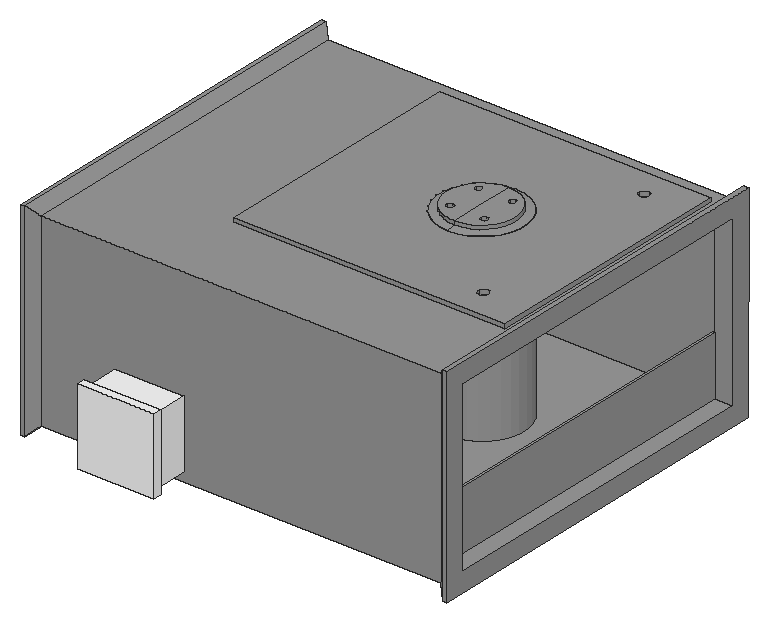
Revit family "RKB 400X200 C1 EC_7470022", category Mechanical Equipment, Revit 2014
Parameters (values of type "RKB 400X200 C1 EC")
  Wiring diagram = "4040143"
  Width = 502 mm
  Weight = 9.60 kg
  Voltage range = "200-240 V"
  Voltage = 230 V
  Speed = "2650 rpm"
  Sound pressure level at 3 m = "57 dB(A)"
  Power = 162 W
  Phase = 1
  Max. temperature of transported air when speed controlled = 60 °C
  Max. temperature of transported air = 60 °C
  Main Material = Steel, Galvanized
  Height = 243 mm
  Frequency = 50 Hz
  Elevation [instance] = 2600 mm
  Description = "UNINSULATED DUCT FANS WITH RECTANGULAR CONNECTIONS"
  Depth = 443 mm
  Current = 1.26 A
  Connector Height = 200 mm
  Connector Width = 400 mm
  Capacitor = "- μF"
Reference planes
  plane 1 "Center (Front/Back)": y = 0
  plane 2: z = 0
  plane 3 "Center (Left/Right)": x = 0
  plane 4: x = -251
  plane 5: x = 251
  plane 6: y = 221.5
  plane 7: y = -221.5
  plane 8: z = 2600
  plane 9: z = 2843
Dimensions and locks
  equal spacing: plane 4, plane 3 "Center (Left/Right)", plane 5
  "Width": plane 4 to plane 5
  equal spacing: plane 6, plane 1 "Center (Front/Back)", plane 7
  "Depth": plane 6 to plane 7
  "Elevation": plane 8 to level
  "Height": plane 9 to plane 8
  aligned and locked: level to plane 2
  aligned and locked: nested 1 to plane 1 "Center (Front/Back)"
  aligned and locked: plane 1 "Center (Front/Back)" to nested 2
  aligned and locked: plane 3 "Center (Left/Right)" to nested 2
  aligned and locked: nested 2 to plane 8
  aligned and locked: plane 3 "Center (Left/Right)" to nested 1
Nested families
  nested 1: "Flow direction symbol" at (0, 0, 0), type "Flow direction symbol"
  nested 2: "RKB" at (0, 0, 2600), type "RKB"
Connectors
  hvac at (-251, 0, 2721.5), driven by "Connector Height", driven by "Connector Width"
    settings: on nested 2, index 1, duct flow 0.0 L/s, flow factor 0, pres drop 0.0 Pa, loss coef 0, conn angle 0.00°, conn width 400 mm, conn height 200 mm, conn diameter 609.6 mm, duct sys type 1, conn prof type 1, flow config 0, flow direction 1, loss method 0, conn ref index -1, conn util no, is conn primary yes, conn desc ""
  hvac at (251, 0, 2721.5), driven by "Connector Height", driven by "Connector Width"
    settings: on nested 2, index 2, duct flow 0.0 L/s, flow factor 0, pres drop 0.0 Pa, loss coef 0, conn angle 0.00°, conn width 400 mm, conn height 200 mm, conn diameter 609.6 mm, duct sys type 3, conn prof type 1, flow config 0, flow direction 2, loss method 0, conn ref index -1, conn util no, is conn primary no, conn desc ""
  electrical at (-107.218, -261, 2661.5), driven by "Phase", driven by "Voltage", driven by "Power"
    settings: on nested 2, index 3, voltage 230 V, apparent load 0 VA, apparent load phase1 162 VA, apparent load phase2 0 VA, apparent load phase3 0 VA, power factor 1, load classification "HVAC", number of poles 1, system type 31, power factor state 1, is connector primary yes, connector utility no, sub classification motor no, connector description ""
Definition of nested family "RKB"
  Parameters (values of type "RKB")
    Width = 502 mm
    Main Material = Steel, Galvanized
    Height = 243 mm
    Description = ""
    Depth = 443 mm
    Connector Width = 400 mm
    Connector Heigth = 200 mm
  Reference planes
    plane 1 "Center (Front/Back)": y = 0
    plane 2: z = 0
    plane 3 "Center (Left/Right)": x = 0
    plane 4: x = -251
    plane 5: x = 251
    plane 6: y = 221.5
    plane 7: y = -221.5
    plane 8: z = 243
    plane 9: z = 119
    plane 10: x = 79.138
    plane 11: x = -107.218
    plane 12: z = 121.5
    plane 13: z = 221.5
    plane 14: z = 21.5
    plane 15: y = 200
    plane 16: y = -200
    plane 17: z = 61.5
    plane 18: x = 44.483
    plane 19: y = 24.017
    plane 20: y = 44.097
  Forms (mm)
    Sweep 1, solid, material "Steel, Galvanized" <- "Main Material", detail levels medium+fine
      path origin (-251, 864.407, 1200) x (0, 1, 0) y (0, 0, 1)
        loop
          line (-642.907, -1200) -> (-642.907, -957) -> (-1085.907, -957) -> (-1085.907, -1200) -> (-642.907, -1200)
      profile origin (-251, 221.5, 121.5) x (0, -1, 0) y (1, 0, 0)
        loop
          line (22.203, 21.231) -> (16.231, 21.231) -> (0, 5) -> (0, 0) -> (22.203, 0) -> (22.203, 21.231)
    Sweep 2, solid, material "Steel, Galvanized" <- "Main Material", detail levels medium+fine
      path origin (251, 864.407, 1200) x (0, 1, 0) y (0, 0, 1)
        loop
          line (-642.907, -1200) -> (-642.907, -957) -> (-1085.907, -957) -> (-1085.907, -1200) -> (-642.907, -1200)
      profile origin (251, 221.5, 121.5) x (0, -1, 0) y (1, 0, 0)
        loop
          line (22.203, -21.231) -> (22.203, 0) -> (0, 0) -> (0, -5) -> (16.231, -21.231) -> (22.203, -21.231)
    Sweep 3, solid, material "Steel, Galvanized" <- "Main Material", detail levels medium+fine
      path origin (0, 0, 0) x (1, 0, 0) y (0, 1, 0)
        loop
          line (-251, 0) -> (251, 0)
      profile origin (0, 0, 0) x (0, 1, 0) y (0, 0, 1)
        loop
          line (200, 221.5) -> (-200, 221.5) -> (-200, 21.5) -> (200, 21.5) -> (200, 221.5)
        loop
          line (-211, 232.5) -> (-211, 10.5) -> (211, 10.5) -> (211, 232.5) -> (-211, 232.5)
    Revolve 4, solid, material "Steel, Galvanized" <- "Main Material", detail levels medium+fine
      sketch origin (79.138, 28.725, 1201.555) x (0, -1, 0) y (0, 0, 1)
        loop
          line (-15.321, -1182.297) -> (-15.321, -958.555) -> (-55.321, -958.555) -> (-55.321, -962.865) -> (-65.321, -964.421) -> (-65.321, -1182.297) -> (-15.321, -1182.297)
        axis (-15.321, -958.555) -> (-15.321, -1182.297)
      angle from 0 to 360
    Sweep 5, void
      path origin (43.109, 35, 1200) x (-1, 0, 0) y (0, 0, 1)
        loop
          line (-0.106, -979.203) -> (-0.106, -929.203)
      profile origin (43.215, 35, 245.797) x (1, 0, 0) y (0, 1, 0)
        loop
          circle (55.89, 30.208) r 4
        loop
          circle (15.893, 30.208) r 4
        loop
          circle (55.893, -11.441) r 4
        loop
          circle (15.557, -11.782) r 4
        loop
          circle (134.858, 124.398) r 6
        loop
          circle (134.858, -111.354) r 6
    Sweep 6, solid, material "Steel, Galvanized" <- "Main Material", detail levels coarse
      path origin (0, 0, 0) x (1, 0, 0) y (0, 1, 0)
        loop
          line (-251, 0) -> (251, 0)
      profile origin (0, 0, 0) x (0, 1, 0) y (0, 0, 1)
        loop
          line (221.5, 243) -> (-221.5, 243) -> (-221.5, 0) -> (221.5, 0) -> (221.5, 243)
    Sweep 7, solid, material "Steel, Galvanized" <- "Main Material", detail levels medium+fine
      path origin (0, 0, 0) x (0, 1, 0) y (0, 0, 1)
        loop
          line (199.297, 22.203) -> (199.297, 92.203)
      profile origin (0, 199.297, 57.203) x (0, -1, 0) y (1, 0, 0)
        loop
          line (0, -229.769) -> (398.595, -229.769) -> (398.595, -226.769) -> (0, -226.769) -> (0, -229.769)
        loop
          line (0, 229.769) -> (0, 226.769) -> (398.595, 226.769) -> (398.595, 229.769) -> (0, 229.769)
    Sweep 8, solid, material "Plastic", detail levels medium+fine
      path origin (0, -5.731, -156.959) x (1, 0, 0) y (0, 1, 0)
        loop
          line (-107.218, -205.269) -> (-107.218, -245.269)
      profile origin (-107.218, -231, -156.959) x (1, 0, 0) y (0, 0, 1)
        loop
          line (-40, 178.459) -> (40, 178.459) -> (40, 258.459) -> (-40, 258.459) -> (-40, 178.459)
    Sweep 9, solid, material "Plastic", detail levels medium+fine
      path origin (0, -5.731, 0) x (1, 0, 0) y (0, 1, 0)
        loop
          line (-107.218, -245.269) -> (-107.218, -255.269)
      profile origin (-107.218, -256, 0) x (1, 0, 0) y (0, 0, 1)
        loop
          line (-45, 106.5) -> (-45, 16.5) -> (45, 16.5) -> (45, 106.5) -> (-45, 106.5)
    Extrusion 10, solid, material "Steel, Galvanized" <- "Main Material"
      sketch origin (0, 0, 0) x (0, 1, 0) y (0, 0, 1)
        loop
          line (193.044, 232.5) -> (193.044, 237.135) -> (-110, 237.135) -> (-110, 232.5) -> (193.044, 232.5)
      from -89.23 to 229.769
  Cuts and joins
    joined: Sweep 1, Sweep 2, Sweep 3
    Sweep 5 cuts Revolve 4
    Sweep 5 cuts Extrusion 10
  Dimensions and locks
    equal spacing: plane 4, plane 3 "Center (Left/Right)", plane 5
    "Width": plane 4 to plane 5
    equal spacing: plane 6, plane 1 "Center (Front/Back)", plane 7
    "Depth": plane 6 to plane 7
    "Height": plane 8 to level
    Sweep 5 sketch curve to plane 8 to Sweep 5 sketch curve = 27.797 mm locked, 22.203 mm locked
    locked: Sweep 7 sketch curve to plane 2 at 22.203
    Sweep 7 sketch curve to Sweep 7 sketch curve = 70 mm
    locked: plane 6 to Sweep 7 sketch curve at 22.203  (x2)
    locked: plane 4 to Sweep 7 sketch curve at 21.231
    locked: Sweep 7 sketch curve to Sweep 7 sketch curve at 3  (x2)
    locked: Sweep 7 sketch curve to plane 7 at 22.203  (x2)
    locked: Sweep 7 sketch curve to plane 6 at 22.203
    locked: Sweep 7 sketch curve to plane 5 at 21.231
    Sweep 8 sketch curve to plane 7 to Sweep 8 sketch curve = 10.5 mm, 29.5 mm
    plane 7 to Sweep 9 sketch curve to Sweep 9 sketch curve = 29.5 mm, 10 mm locked
    equal spacing: plane 8, plane 12, plane 2
    "Connector Heigth": plane 13 to plane 14
    equal spacing: plane 13, plane 12, plane 14
    "Connector Width": plane 15 to plane 16
    equal spacing: plane 15, plane 1 "Center (Front/Back)", plane 16
    aligned and locked: level to plane 2
    aligned and locked: Sweep 1 sketch curve to plane 6
    aligned and locked: plane 7 to Sweep 1 sketch curve
    aligned and locked: plane 2 to Sweep 1 sketch curve
    aligned and locked: Sweep 1 sketch curve to plane 8
    aligned and locked: Sweep 2 sketch curve to plane 8
    aligned and locked: plane 2 to Sweep 2 sketch curve
    aligned and locked: plane 7 to Sweep 2 sketch curve
    aligned and locked: Sweep 2 sketch curve to plane 6
    aligned and locked: plane 1 "Center (Front/Back)" to Sweep 3 sketch curve
    aligned and locked: plane 1 "Center (Front/Back)" to Sweep 6 sketch curve
    aligned and locked: plane 2 to Sweep 6 sketch curve
    aligned and locked: plane 7 to Sweep 6 sketch curve
    aligned and locked: Sweep 6 sketch curve to plane 6
    aligned and locked: Sweep 6 sketch curve to plane 8
    aligned and locked: plane 11 to Sweep 8 sketch curve
    aligned and locked: plane 11 to Sweep 9 sketch curve
    aligned and locked: plane 14 to Sweep 3 sketch curve
    aligned and locked: plane 16 to Sweep 3 sketch curve
    aligned and locked: Sweep 3 sketch curve to plane 13
    aligned and locked: Sweep 3 sketch curve to plane 15
    aligned and locked: Sweep 8 to plane 14
  Automatic sketch dimensions
    Sweep 1 sketch curve to profile plane = 0 mm
    Sweep 1 sketch curve to plane 4 = 0 mm
    Sweep 1 sketch curve to profile plane = 16.231 mm
    Sweep 1 sketch curve to Sweep 1 sketch curve = 5.972 mm
    plane 4 to Sweep 1 sketch curve = 5 mm
    plane 4 to Sweep 1 sketch curve = 21.231 mm
    Sweep 2 sketch curve to profile plane = 0 mm
    Sweep 2 sketch curve to plane 5 = 0 mm
    Sweep 2 sketch curve to profile plane = 16.231 mm
    Sweep 2 sketch curve to Sweep 2 sketch curve = 5.972 mm
    Sweep 2 sketch curve to Sweep 2 sketch curve = 5 mm
    Sweep 2 sketch curve to Sweep 2 sketch curve = 21.231 mm
    Sweep 3 sketch curve to plane 4 = 0 mm
    Sweep 3 sketch curve to plane 5 = 0 mm
    Sweep 6 sketch curve to plane 4 = 0 mm
    Sweep 6 sketch curve to plane 5 = 0 mm
    profile plane to Sweep 8 sketch curve = 40 mm
    Sweep 8 sketch curve to profile plane = 40 mm
    level to Sweep 8 sketch curve = 21.5 mm
    Sweep 8 sketch curve to Sweep 8 sketch curve = 80 mm
    profile plane to Sweep 9 sketch curve = 45 mm
    Sweep 9 sketch curve to profile plane = 45 mm
    level to Sweep 9 sketch curve = 16.5 mm
    Sweep 9 sketch curve to Sweep 9 sketch curve = 90 mm
    plane 10 to Sweep 5 sketch curve = 35.923 mm
    plane 13 to Extrusion 10 sketch curve = 11 mm
    plane 16 to Extrusion 10 sketch curve = 90 mm
    Extrusion 10 sketch curve to plane 15 = 6.956 mm
    Extrusion 10 sketch curve to plane 8 = 5.865 mm
    level to Sweep 3 sketch curve = 10.5 mm
    Sweep 3 sketch curve to Sweep 3 sketch curve = 11 mm  (x3)
    Sweep 5 sketch curve to profile plane = 15.557 mm
    Sweep 5 sketch curve to profile plane = 15.893 mm
    Sweep 5 sketch curve to profile plane = 11.441 mm
    Sweep 5 sketch curve to Sweep 5 sketch curve = 78.965 mm
    Sweep 5 sketch curve to Sweep 5 sketch curve = 78.968 mm
    Sweep 5 sketch curve to profile plane = 11.782 mm
    Sweep 5 sketch curve to profile plane = 111.354 mm
    Sweep 5 sketch curve to Sweep 5 sketch curve = 94.19 mm
    Sweep 5 sketch curve to Sweep 5 sketch curve = 39.997 mm
    Sweep 5 sketch curve to Sweep 5 sketch curve = 40.336 mm
    profile plane to Sweep 5 sketch curve = 30.208 mm  (x2)
    Revolve 4 sketch curve to plane 8 = 0 mm
    Revolve 4 sketch curve to plane 14 = 2.242 mm
    plane 20 to Revolve 4 sketch curve = 49.95 mm
    Revolve 4 sketch curve to plane 8 = 4.31 mm
    Revolve 4 sketch curve to Revolve 4 sketch curve = 10 mm
    Revolve 4 sketch curve to plane 20 = 0.05 mm
    Revolve 4 sketch curve to plane 8 = 5.865 mm
    Revolve 4 sketch curve to Revolve 4 sketch curve = 0 mm  (x2)
    Revolve 4 sketch curve to Revolve 4 sketch curve = 6.258 mm
    radius of Sweep 5 sketch curve = 4 mm  (x4)
    radius of Sweep 5 sketch curve = 6 mm  (x2)
Definition of nested family "Flow direction symbol"
  Parameters (values of type "Flow direction symbol")
    Warning = "!"
    Text = "DIMENSIONS OVERCONSTRAINT"
  Reference planes
    plane 1: y = 0
    plane 2: x = 0
  Lines and regions (mm)
    detail lines
      curve 1: line (-0.506, 0.877, 0) -> (-0.506, -0.877, 0)
      curve 2: line (1.012, 0, 0) -> (-0.506, -0.877, 0)
      curve 3: line (-0.506, 0.877, 0) -> (1.012, 0, 0)
      curve 4: circle (0, 0, 0) r 1 normal (0, 0, 1)
